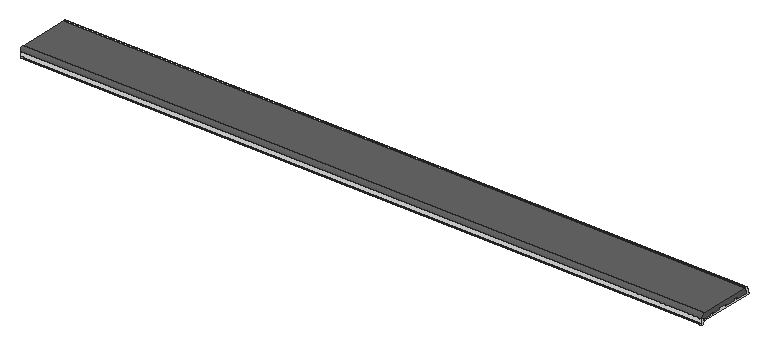
Revit family "Stair_Tread-Wooster-Spectra_Safety_Treads-WP3J-WP3JT", category Specialty Equipment, host Face, Revit 2017
Family settings
  Host = Face
  Round Connector Dimension = Use Diameter
  Part Type = Normal
  OmniClass Number = 23.30.70.21.11.11.11
  OmniClass Title = Stair Nosings
  Cut with Voids When Loaded = No
  Shared = No
  Room Calculation Point = No
Parameters (values of type "WP3JT")
  Width [instance] = 0' - 3 1/16"  # constant formula
  Version = "2017 - v2.0a"  # constant formula
  URL = "http://www.wooster-products.com/"
  Support Phone = "(224) 699-9545"  # constant formula
  Support Email = "mailto:support@anguleris.com"
  Safety Tread [instance] = Filler - Wooster - Black - Abrasive Filler
  Product Page URL = "http://www.woosterproducts.com/products/extruded-aluminum/spectra/"
  Product Name = "Spectra Nosings"  # constant formula
  Product Documentation Link = "http://www.woosterproducts.com/spec/WP3JT.pdf"
  New Construction = no
  Model = "WP3JT"
  Material = ""
  Manufacturer Phone Number = "1-800-321-4936 or 330-264-2844"  # constant formula
  Manufacturer Fax Number = "330-262-4151"  # constant formula
  Manufacturer Email = "mailto:tim@wooster-products.com"
  Manufacturer Address = "1000 Spruce Street, P.O. BOX 6005, Wooster, OH. 44691"  # constant formula
  Manufacturer = "Wooster Productions Inc"  # constant formula
  Length Constraint [instance] = if(Length > 10' 0", 10' 0", Length)  # 3' - 0"
  Length [instance] = 3' - 0"
  Existing Construction = not(New Construction)  # yes
  Description = "Anti-Slip Stair Nosing"  # constant formula
  Depth = 0' - 0 3/8"  # constant formula
  Default Elevation = 0' - 0"  # constant formula
  Copyright = "Wooster Products Inc. 2019"  # constant formula
Types (3): name | Product Documentation Link | New Construction | Model | Existing Construction
  (no name) | "http://wooster-products.com/pub/Specs/WP3J.pdf" | yes | "WP3J" | no
  WP3J | "http://www.woosterproducts.com/spec/WP3J.pdf" | yes | "WP3J" | no
  WP3JT | "http://www.woosterproducts.com/spec/WP3JT.pdf" | no | "WP3JT" | yes
Values of the unnamed type that differ from the named types
  Support Email = ""
  Product Page URL = "http://www.wooster-products.com/Spectra_Safety_Treads.html"
  Manufacturer Email = ""
Reference planes (in)
  plane 1 "Center (Front/Back)": y = 0
  plane 2: z = 0
  plane 3 "Center (Left/Right)": x = 0
  plane 4 "Left": x = -18
  plane 5 "Right": x = 18
  plane 6 "Back": y = 1.53125
  plane 7 "Front": y = -1.53125
  plane 8 "Bottom": z = -0.35937
  plane 9: z = 0.01563
Forms (in)
  Sweep 1, solid, material "Filler - Wooster - Black - Abrasive Filler" <- "Safety Tread"
    path origin (0, 24.06796, 0.01563) x (0, 1, 0) y (-1, 0, 0)
      loop
        line (-22.53671, -18) -> (-22.53671, 18)
    profile "WP3 Abrassive Filler : WP3 Abrassive Filler" origin (0, 1.53125, 0.01562) x (0, -1, 0) y (0, 0, 1)
      loop
        line (0.16375, 0) -> (0.08192, -0.30538) -> (0.79392, -0.30538) -> (0.7689, -0.212) -> (0.8939, -0.212) -> (0.86888, -0.30538) -> (1.52446, -0.30538) -> (1.49944, -0.212) -> (1.87544, -0.212) -> (1.85042, -0.30538) -> (2.38396, -0.30538) -> (2.35894, -0.212) -> (2.48394, -0.212) -> (2.45892, -0.30538) -> (2.99247, -0.30538) -> (2.96745, -0.212) -> (3.06145, -0.212)
        arc (3.06145, -0.212) -> (3, -0.06215) -> (2.85045, 0) r 0.211
        line (2.85045, 0) -> (0.16375, 0)
  Sweep 2, solid, material "Metal - Wooster - Extruded Aluminum", visible <- "New Construction"
    path origin (0, 24.06796, 0.01563) x (0, 1, 0) y (-1, 0, 0)
      loop
        line (-22.53671, -18) -> (-22.53671, 18)
    profile "WP3J Aluminum Base : WP3J Aluminum Base" origin (0, 1.53125, 0.01562) x (0, -1, 0) y (0, 0, 1)
      loop
        line (0, -0.376) -> (0.20283, -0.376)
        arc (0.20283, -0.376) -> (0.23607, -0.38977) -> (0.24983, -0.423) r 0.047
        line (0.24983, -0.423) -> (0.24983, -1.00636) -> (0.15608, -0.91261) -> (0.15608, -1.001) -> (0.28108, -1.126) -> (0.40608, -1.001) -> (0.40608, -0.91261) -> (0.31233, -1.00636) -> (0.31233, -0.423)
        arc (0.31233, -0.423) -> (0.3261, -0.38977) -> (0.35934, -0.376) r 0.047
        line (0.35934, -0.376) -> (1.60934, -0.376)
        arc (1.60934, -0.376) -> (1.64257, -0.38977) -> (1.65634, -0.423) r 0.047
        line (1.65634, -0.423) -> (1.65634, -1.00636) -> (1.56259, -0.91261) -> (1.56259, -1.001) -> (1.68759, -1.126) -> (1.81259, -1.001) -> (1.81259, -0.91261) -> (1.71884, -1.00636) -> (1.71884, -0.423)
        arc (1.71884, -0.423) -> (1.7326, -0.38977) -> (1.76584, -0.376) r 0.047
        line (1.76584, -0.376) -> (2.91085, -0.376)
        arc (2.91085, -0.376) -> (2.97462, -0.40128) -> (3.01545, -0.45642) r 0.125
        arc (3.01545, -0.45642) -> (3.04139, -0.47257) -> (3.06129, -0.44938) r 0.02346
        line (3.06129, -0.44938) -> (3.06129, -0.212) -> (2.96745, -0.212) -> (2.99247, -0.30538) -> (2.45892, -0.30538) -> (2.48394, -0.212) -> (2.35894, -0.212) -> (2.38396, -0.30538) -> (1.85042, -0.30538) -> (1.87544, -0.212) -> (1.49944, -0.212) -> (1.52446, -0.30538) -> (0.86888, -0.30538) -> (0.8939, -0.212) -> (0.7689, -0.212) -> (0.79392, -0.30538) -> (0.08192, -0.30538) -> (0.16375, 0) -> (0.10075, 0) -> (0, -0.376)
  Sweep 3, solid, material "Metal - Wooster - Extruded Aluminum", visible <- "Existing Construction"
    path origin (0, 24.06796, 0.01563) x (0, 1, 0) y (-1, 0, 0)
      loop
        line (-22.53671, -18) -> (-22.53671, 18)
    profile "WP3JT Aluminum Base : WP3JT Aluminum Base" origin (0, 1.53125, 0.01562) x (0, -1, 0) y (0, 0, 1)
      loop
        line (0, -0.376) -> (2.91085, -0.376)
        arc (2.91085, -0.376) -> (2.97462, -0.40128) -> (3.01545, -0.45642) r 0.125
        arc (3.01545, -0.45642) -> (3.04139, -0.47257) -> (3.06129, -0.44938) r 0.02346
        line (3.06129, -0.44938) -> (3.06129, -0.212) -> (2.96745, -0.212) -> (2.99247, -0.30538) -> (2.45892, -0.30538) -> (2.48394, -0.212) -> (2.35894, -0.212) -> (2.38396, -0.30538) -> (1.85042, -0.30538) -> (1.87544, -0.212) -> (1.49944, -0.212) -> (1.52446, -0.30538) -> (0.86888, -0.30538) -> (0.8939, -0.212) -> (0.7689, -0.212) -> (0.79392, -0.30538) -> (0.08192, -0.30538) -> (0.16375, 0) -> (0.10075, 0) -> (0, -0.376)
  Sweep 4, solid, material "Metal - Wooster - Extruded Aluminum", visible <- "Existing Construction"
    path origin (0, 24.06796, 0.01563) x (0, 1, 0) y (-1, 0, 0)
      loop
        line (-22.53671, 18) -> (-22.53671, -18)
    profile "WP3JT Aluminum Base : WP3JT Aluminum Base" origin (0, 1.53125, 0.01562) x (0, 1, 0) y (0, 0, 1)
      loop
        line (0, -0.376) -> (-0.10075, 0) -> (-0.16375, 0) -> (-0.08192, -0.30538) -> (-0.79392, -0.30538) -> (-0.7689, -0.212) -> (-0.8939, -0.212) -> (-0.86888, -0.30538) -> (-1.52446, -0.30538) -> (-1.49944, -0.212) -> (-1.87544, -0.212) -> (-1.85042, -0.30538) -> (-2.38396, -0.30538) -> (-2.35894, -0.212) -> (-2.48394, -0.212) -> (-2.45892, -0.30538) -> (-2.99247, -0.30538) -> (-2.96745, -0.212) -> (-3.06129, -0.212) -> (-3.06129, -0.44938)
        arc (-3.06129, -0.44938) -> (-3.04139, -0.47257) -> (-3.01545, -0.45642) r 0.02346
        arc (-3.01545, -0.45642) -> (-2.97462, -0.40128) -> (-2.91085, -0.376) r 0.125
        line (-2.91085, -0.376) -> (0, -0.376)
Lines and regions (in)
  Masking region 1
    outline origin (0, 0, 0) x (1, 0, 0) y (0, 1, 0)
      loop
        line (-18, 1.53125) -> (-18, -1.53125) -> (18, -1.53125) -> (18, 1.53125) -> (-18, 1.53125)
Dimensions and locks (in)
  equal spacing: plane 4 "Left", plane 3 "Center (Left/Right)", plane 5 "Right"
  "Length Constraint": plane 4 "Left" to plane 5 "Right"
  equal spacing: plane 7 "Front", plane 1 "Center (Front/Back)", plane 6 "Back"
  "Width": plane 7 "Front" to plane 6 "Back"
  "Depth": plane 9 to plane 8 "Bottom"
  locked: plane 2 to plane 8 "Bottom" at 0.35938
  aligned and locked: plane 2 to host face
  aligned and locked: level to host face
  aligned and locked: plane 6 "Back" to Sweep 1 sketch curve
  aligned and locked: plane 5 "Right" to Sweep 1 sketch curve
  aligned and locked: plane 4 "Left" to Sweep 1 sketch curve
  aligned and locked: plane 6 "Back" to Sweep 2 sketch curve
  aligned and locked: plane 4 "Left" to Sweep 2 sketch curve
  aligned and locked: plane 5 "Right" to Sweep 2 sketch curve
  aligned and locked: plane 6 "Back" to Sweep 3 sketch curve
  aligned and locked: plane 5 "Right" to Sweep 3 sketch curve
  aligned and locked: plane 4 "Left" to Sweep 3 sketch curve
  aligned and locked: Sweep 4 sketch curve to plane 6 "Back"
  aligned and locked: plane 4 "Left" to Sweep 4 sketch curve
  aligned and locked: plane 5 "Right" to Sweep 4 sketch curve
  aligned and locked: Masking region 1 sketch curve to plane 6 "Back"
  aligned and locked: Masking region 1 sketch curve to plane 7 "Front"
  aligned and locked: plane 5 "Right" to Masking region 1 sketch curve
  aligned and locked: plane 4 "Left" to Masking region 1 sketch curve
Automatic sketch dimensions
  host sketch curve to host sketch curve = 8' - 0"
  host sketch curve to host sketch curve = 4' - 0"
